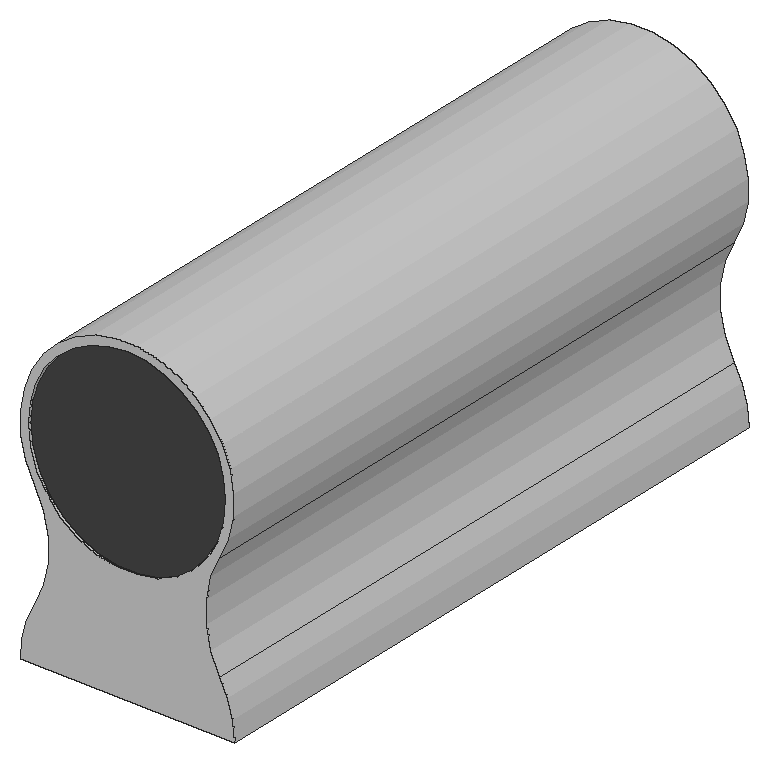
Revit family "Intono 4.9", category Lighting Fixtures, host Face, Revit 2017
Family settings
  Host = Face
  Round Connector Dimension = Use Diameter
  Part Type = Normal
  Cut with Voids When Loaded = Yes
  Light Source = Yes
  Shared = No
  Room Calculation Point = Yes
Parameters (values of type "Intono 4.9 A (3000K 17W 24Vdc)")
  Wiring = "parallel"
  Width mm = 166 mm
  Weight kg = "4.84 kg"
  Wattage = 9.20952 W
  built-in parameter 1150110 = 1 (stored number, unit not read)
  Voltage = 24 V
  URL Accessories and power supply units = "https://www.lucelight.it/en/prodotto.php/122308#a-scheda-accessori"
  URL = "https://www.lucelight.it/en/prodotto.php/122308"
  built-in parameter 1114217 = 1 (stored number, unit not read)
  Tiltable = "-"
  URL Technical sheet = "https://www.lucelight.it/media/prodotti/st/ST_INTONO_49.pdf"
  URL Image = "https://www.lucelight.it/media/prodotti/foto/intono_4.9_still.jpg"
  URL IES Photometric file = "https://www.lucelight.it/media/prodotti/fotometrie/intono_4.9_ies.zip"
  URL General code = "https://www.lucelight.it/en/prodotto.php/122308#a-generacodice"
  URL Description = "https://www.lucelight.it/en/capitolato.php/122308"
  URL DXF = "https://www.lucelight.it/media/prodotti/dxf/intono_4.9.dxf"
  URL Catalogue = "https://www.lucelight.it/media/prodotti/mf_brochure/intono_brochure_en.pdf"
  Tilt Angle = 180.00°
  built-in parameter 1150109 = 1 (stored number, unit not read)
  built-in parameter 1150134 = (empty or 0)
  built-in parameter 1150113 = 1 (stored number, unit not read)
  Screen = L&L_Black-serigraphed
  Power supply unit = "built in"
  Power supply = "24Vdc"
  Power cables = "-"
  Power = "17W"
  Photometric Web File = "INTONO 4.9 A [3000K 17W 24Vdc].IES"
  Optics = "asymmetrical"
  Notes = "version compatible with Google Home or Amazon Echo available on request for voice command control"
  No. and type of led = "1 high power density COB LED, 2-step MacAdam, 50 000h L95 B10 (Ta 25°C)"
  Mounting = "surface mounted (wall)"
  Model = "Intono 4.9"
  Material = "body in die-cast aluminium, screen in black-serigraphed, tempered, transparent extra-clear glass"
  Manufacturer = "L&L Luce&Light"
  built-in parameter 1150105 = 108.86 (stored number, unit not read)
  Lumens = 1368 lm
  built-in parameter 1150115 = 1 (stored number, unit not read)
  Lumen output at source = "1646 lm (3000K, CRI 80), 1368 lm (3000K, CRI 90)"
  built-in parameter 1150137 = (empty or 0)
  built-in parameter 1150139 = (empty or 0)
  Lens = L&L_Tempered extra-clear glass
  Length mm = 110 mm
  built-in parameter 1150112 = 1 (stored number, unit not read)
  built-in parameter 1150114 = 1 (stored number, unit not read)
  LED Colour = "3000K (also available: 2700K and 4000K - ref. URL Technical sheet)"
  built-in parameter 1150132 = 2
  built-in parameter 1150102 = (empty or 0)
  built-in parameter 1150107 = 3000 (stored number, unit not read)
  built-in parameter 1150138 = (empty or 0)
  built-in parameter 1150106 = 1.0886 (stored number, unit not read)
  IP = "IP65"
  Height mm = 330 mm
  Features = "single-beam version with built-in speaker"
  Energy efficiency class = "A A+ A++"
  Emit from Line Length = 609.6 mm
  built-in parameter 1150104 = 13.8 (stored number, unit not read)
  Dimming Lamp Color Temperature Shift = <None>
  Description = "Wall mounted for outdoor applications"
  Delivered lumen output = "1386 lm (3000K, 12°, CRI 80), 1152 lm (3000K, 12°, CRI 90)"
  Default Elevation = 1219.2 mm
  Cutout dimensions = "-"
  Control system = "-"
  Contact = "T: +39 0444 360571; E: lucelight@lucelight.it"
  Company = "L&L Luce&Light"
  Color Filter = 16777215
  Code = "-"
  CRI = "90 (also available: CRI 80 - ref. URL Technical sheet)"
  Body = L&L_Die-cast aluminium
  built-in parameter 1114218 = 1 (stored number, unit not read)
  built-in parameter 1150133 = 10 (stored number, unit not read)
  Apparent Load Phase 1 = 17 W
  Apparent Load = 0 VA
Types (6, lengths in mm): name | Photometric Web File | Optics
  Intono 4.9 A (3000K 17W 24Vdc) | "INTONO 4.9 A [3000K 17W 24Vdc].IES" | "asymmetrical"
  Intono 4.9 L 57° (3000K 17W 24Vdc) | "INTONO 4.9 L 57° [3000K 17W 24Vdc].IES" | "57°"
  Intono 4.9 M 23° (3000K 17W 24Vdc) | "INTONO 4.9 M 23° [3000K 17W 24Vdc].IES" | "23°"
  Intono 4.9 S 12° (3000K 17W 24Vdc) | "INTONO 4.9 S 12° [3000K 17W 24Vdc].IES" | "12°"
  Intono 4.9 W (3000K 17W 24Vdc) | "INTONO 4.9 W [3000K 17W 24Vdc].IES" | "wall grazing"
  Intono 4.9 Z 28° (3000K 17W 24Vdc) | "INTONO 4.9 Z 28° [3000K 17W 24Vdc].IES" | "asymmetrical 28°"
Reference planes
  plane 1 "Center (Front/Back)": y = 0
  plane 2: z = 0
  plane 3 "Center (Left/Right)": x = 0
  plane 4: z = 30.8
Forms (mm)
  Extrusion 1, solid, material "L&L_Die-cast aluminium" <- "Body", detail levels coarse
    sketch origin (0, 165, 0.3) x (1, 0, 0) y (0, 0, 1)
      loop
        line (-55, 165.7) -> (-55, -0.3) -> (55, -0.3) -> (55, 165.7) -> (-55, 165.7)
    from 0 to 330
  Extrusion 2, solid, material "L&L_Die-cast aluminium" <- "Body", detail levels fine
    sketch origin (0, 165, 0.3) x (1, 0, 0) y (0, 0, 1)
      loop
        arc (-47.631, 83.2) -> (-40.263, 55.7) -> (-47.631, 28.2) r 55
        arc (-47.631, 28.2) -> (-53.126, 14.935) -> (-55, 0.7) r 55
        line (-55, 0.7) -> (55, 0.7)
        arc (55, 0.7) -> (53.126, 14.935) -> (47.631, 28.2) r 55
        arc (47.631, 28.2) -> (40.263, 55.7) -> (47.631, 83.2) r 55
        arc (47.631, 83.2) -> (0, 165.7) -> (-47.631, 83.2) r 55
    from 0 to 330
  Extrusion 3, void
    sketch origin (0, 0, 24.8) x (1, 0, 0) y (0, 0, 1)
      loop
        circle (0, 86.2) r 50.75
    from -172.705 to -162.433
  Extrusion 4, solid, material "L&L_Die-cast aluminium" <- "Body", detail levels medium
    sketch origin (0, 165, 0.3) x (1, 0, 0) y (0, 0, 1)
      loop
        arc (-47.631, 83.2) -> (-40.263, 55.7) -> (-47.631, 28.2) r 55
        arc (-47.631, 28.2) -> (-53.126, 14.935) -> (-55, 0.7) r 55
        line (-55, 0.7) -> (55, 0.7)
        arc (55, 0.7) -> (53.126, 14.935) -> (47.631, 28.2) r 55
        arc (47.631, 28.2) -> (40.263, 55.7) -> (47.631, 83.2) r 55
        arc (47.631, 83.2) -> (0, 165.7) -> (-47.631, 83.2) r 55
    from 0 to 330
  Extrusion 5, solid, detail levels medium+fine
    sketch origin (0, 0, 0) x (1, 0, 0) y (0, 1, 0)
      loop
        arc (51.5, 68.5) -> (0, 120) -> (-51.5, 68.5) r 51.5
        line (-51.5, 68.5) -> (-51.5, -68.5)
        arc (-51.5, -68.5) -> (0, -120) -> (51.5, -68.5) r 51.5
        line (51.5, -68.5) -> (51.5, 68.5)
    from 0 to 1
  Extrusion 6, solid, material "L&L_Tempered extra-clear glass" <- "Lens", detail levels fine
    sketch origin (0, 0, 24.5) x (1, 0, 0) y (0, 0, 1)
      loop
        circle (0, 86.5) r 50
    from -163.4 to -162.433
  Extrusion 7, solid, material "L&L_Black-serigraphed" <- "Screen", detail levels fine
    sketch origin (0, 0, 24.5) x (1, 0, 0) y (0, 0, 1)
      loop
        circle (0, 86.5) r 50.75
      loop
        circle (0, 86.5) r 50
    from -163.4 to -162.433
  Extrusion 8, void
    sketch origin (0, 0, 0) x (1, 0, 0) y (0, 0, 1)
      loop
        circle (0, 111) r 50.75
    from 161.997 to 192.024
  Extrusion 9, solid, material "L&L_Black-serigraphed" <- "Screen", detail levels fine
    sketch origin (0, -326.363, 24.5) x (1, 0, 0) y (0, 0, 1)
      loop
        circle (0, 86.5) r 50.75
    from -163.4 to -162.433
Cuts and joins
  Extrusion 3, Extrusion 8 cuts Extrusion 2
Dimensions and locks
  aligned and locked: plane 2 to host face
  aligned and locked: level to host face
Connectors
  electrical at (0, 0, 0), driven by "Apparent Load Phase 1", driven by "Voltage"
    settings: index 1, voltage 24 V, apparent load 0 VA, apparent load phase1 17 VA, apparent load phase2 0 VA, apparent load phase3 0 VA, power factor 1, load classification "Lighting", number of poles 1, system type 31, power factor state 1, is connector primary yes, connector utility no, sub classification motor no, connector description ""
